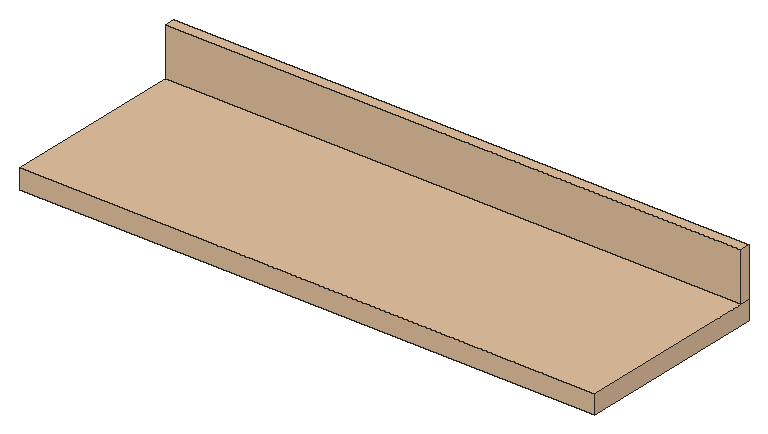
Revit family "RYN_PLU_VanityCounterTop", category Casework, Revit 2025
Family settings
  Work Plane-Based = No
  Always vertical = Yes
  Cut with Voids When Loaded = No
  Shared = Yes
  Room Calculation Point = No
Parameters
  Keynote = "N10"
  Default Elevation = 0 mm
  Counter Thickness = 40 mm
  Material Worktop = Worktop
  Depth = 400 mm
  Height = 900 mm
  Length [instance] = 1200 mm
Reference planes
  plane 1 "Back": y = 0
  plane 2: z = 0
  plane 3 "Left": x = -1200.462
  plane 4 "Right": x = -0.462
  plane 5 "Front": y = -400
  plane 6 "Top": z = 900
  plane 7 "Top Of Cabinet": z = 860
  plane 8: y = -19.05
  plane 9: z = 1001.6
Forms (mm)
  Extrusion 1, solid, material "Worktop" <- "Material Worktop"
    sketch origin (0, 0, 0) x (1, 0, 0) y (0, 1, 0)
      loop
        line (-1200.462, 0) -> (-1200.462, -400) -> (-0.462, -400) -> (-0.462, 0) -> (-1200.462, 0)
    from 860 to 900
  Extrusion 2, solid, material "Worktop" <- "Material Worktop"
    sketch origin (0, 0, 0) x (1, 0, 0) y (0, 1, 0)
      loop
        line (-0.462, 0) -> (-1200.462, 0) -> (-1200.462, -19.05) -> (-0.462, -19.05) -> (-0.462, 0)
    from 900 to 1001.6
Lines and regions (mm)
  Masking region 1
    outline origin (0, 0, 860) x (0, -1, 0) y (1, 0, 0)
      loop
        line (0, -1200.462) -> (400, -1200.462) -> (400, -0.462) -> (0, -0.462) -> (0, -1200.462)
  symbolic lines, style "Casework"
    curve 1: line (-0.462, 0, 0) -> (-1200.462, 0, 0)
    curve 2: line (-0.462, -400, 0) -> (-0.462, 0, 0)
    curve 3: line (-1200.462, -400, 0) -> (-0.462, -400, 0)
    curve 4: line (-1200.462, 0, 0) -> (-1200.462, -400, 0)
    curve 5: line (-1200.462, -19.05, 0) -> (-0.462, -19.05, 0)
Dimensions and locks
  "Depth": plane 5 "Front" to plane 1 "Back"
  "Length": plane 3 "Left" to plane 4 "Right"
  "Height": level to plane 6 "Top"
  "Counter Thickness": plane 7 "Top Of Cabinet" to plane 6 "Top"
  locked: plane 8 to plane 1 "Back" at 19.05
  plane 6 "Top" to plane 9 = 101.6 mm
  aligned and locked: plane 1 "Back" to Extrusion 1 sketch curve
  aligned and locked: plane 4 "Right" to Extrusion 1 sketch curve
  aligned and locked: Extrusion 1 sketch curve to plane 5 "Front"
  aligned and locked: Extrusion 1 sketch curve to plane 3 "Left"
  aligned and locked: Extrusion 1 to plane 6 "Top"
  aligned and locked: plane 7 "Top Of Cabinet" to Extrusion 1
  aligned and locked: Extrusion 2 sketch curve to plane 1 "Back"
  aligned and locked: Extrusion 2 sketch curve to plane 8
  aligned and locked: Extrusion 2 sketch curve to plane 4 "Right"
  aligned and locked: plane 3 "Left" to Extrusion 2 sketch curve
  aligned and locked: Extrusion 2 to plane 9
  aligned and locked: plane 6 "Top" to Extrusion 2
Automatic sketch dimensions
  curve 1 to plane 1 "Back" = 0 mm
  curve 1 to plane 3 "Left" = 0 mm
  curve 5 to plane 4 "Right" = 0 mm
  curve 3 to plane 5 "Front" = 0 mm
  curve 5 to plane 8 = 0 mm
  Masking region 1 sketch curve to plane 1 "Back" = 0 mm
  Masking region 1 sketch curve to plane 3 "Left" = 0 mm
  Masking region 1 sketch curve to plane 5 "Front" = 0 mm
  Masking region 1 sketch curve to plane 4 "Right" = 0 mm
